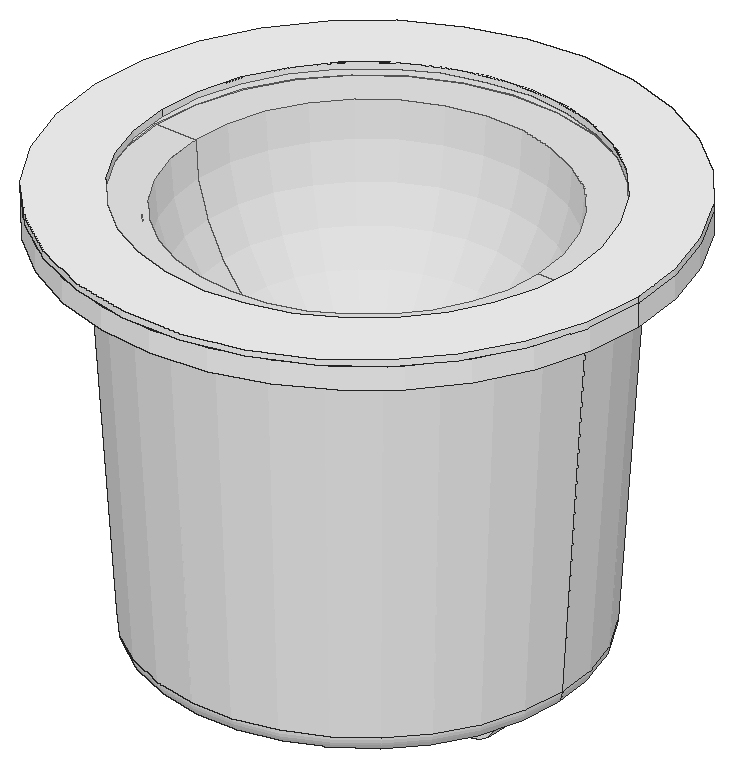
Revit family "2058893 Feilo Sylvania Lighting Fixture MYRD IP FL 2-7K DALI BLK WBEZ", category Lighting Fixtures, host Face, Revit 2017
Family settings
  Host = Face
  Round Connector Dimension = Use Diameter
  Part Type = Normal
  OmniClass Number = 23.80.70.11.17
  OmniClass Title = Specialized Lighting by Location or Use
  Cut with Voids When Loaded = No
  Light Source = Yes
  Shared = No
  Room Calculation Point = No
Parameters
  Weight = "0.44 kg"
  Wattage = 15 W
  WarrantyStartDate [instance] = "n/a"
  WarrantyGuarantorParts = "n/a"
  WarrantyDurationUnit = "n/a"
  WarrantyDurationParts = "n/a"
  WarrantyDescription = "n/a"
  built-in parameter 1150110 = 1 (stored number, unit not read)
  Voltage = 230 V
  URL = "http://www.sylvania-lighting.com"
  TypeName = "MYRD IP FL 2.7K DALI BLK WBEZ"
  Type Image = 0
  Type Comments = ""
  built-in parameter 1114217 = 1 (stored number, unit not read)
  Tilt Angle = -90°
  built-in parameter 1150109 = 1 (stored number, unit not read)
  built-in parameter 1150134 = (empty or 0)
  built-in parameter 1150113 = 1 (stored number, unit not read)
  SerialNumber [instance] = "n/a"
  Reflector Radius = Cutout Diameter / 2 - 2.5 mm  # 35.0 mm
  Reflector Material = Aluminum_Sylvania_Myriad_Bright
  Recessed Depth = Height  # 72.0 mm
  PowerFactor = 0
  PowerConsumption = "15 W"
  Photometric Web File = ""
  NominalWidth = 0.0 mm
  NominalLength = 76.0 mm
  NominalHeight = 72.0 mm
  Name = "MYRD IP FL 2.7K DALI BLK WBEZ"
  ModelReference = "MYRD IP FL 2.7K DALI BLK WBEZ"
  ModelNumber = "2058893"
  Material = "Aluminium"
  ManufacturerName = "Feilo Sylvania"
  LuminousEfficacy = "57 lm/W"
  LuminaireType = "Ceiling recessed"
  LightOutputRatio = "1"
  LampsType = Lamp  # "LED"
  LampNominalLuminous = "889 lm"
  LampMacAdamStep = "n/a"
  LampColourTemperature = "2700 K"
  LampColourRenderingIndex = "n/a"
  Keynote = "16500"
  Keynote_2 = "16500"
  InstallationDate [instance] = "n/a"
  InputVoltage = "230-240V~"
  InputNominalFrequency = "50/60 Hz"
  IngressProtection = "IP65"
  ImpactProtectionIndex = "IK02"
  IfcExportType = "IfcLightFixtureType"
  IfcExportAs = "IfcLightFixtureType"
  Height = 72.0 mm  # constant formula
  ExpectedLife = 50000
  Emit from Circle Diameter = Accessory Inner Diameter 2  # 68.0 mm
  Emit Shape Visible in Rendering = no
  ElectricShockClassification = "Class II"
  DurationUnit = "hours"
  DocumentationLiterature = "http://www.sylvania-lighting.com/product/en-int/products/2058893"
  DimmingControlOptions = "Dimmable"
  Diffuser Material = Glass_Sylvania_Myriad_Clear_4000K
  Diffuser Diameter = Cutout Diameter  # 75.0 mm
  Cutout Diameter = 75.0 mm  # constant formula
  CreatedOn = "03-11-2017"
  CreatedBy = ""
  Cost = 0
  built-in parameter 1114216 [instance] = 1 (stored number, unit not read)
  built-in parameter 1150142 = (empty or 0)
  Model = "MYRD IP FL 2.7K DALI BLK WBEZ"
  Manufacturer = "Feilo Sylvania"  # constant formula
  built-in parameter 1150105 = 68.039 (stored number, unit not read)
  Lumens = 855 lm
  built-in parameter 1150115 = 1 (stored number, unit not read)
  built-in parameter 1150137 = (empty or 0)
  built-in parameter 1150139 = (empty or 0)
  built-in parameter 1150112 = 1 (stored number, unit not read)
  built-in parameter 1150114 = 1 (stored number, unit not read)
  Lamp = "LED"
  built-in parameter 1150132 = (empty or 0)
  built-in parameter 1150102 = (empty or 0)
  built-in parameter 1150107 = 2700 (stored number, unit not read)
  built-in parameter 1150138 = (empty or 0)
  built-in parameter 1150106 = 0.68039 (stored number, unit not read)
  built-in parameter 1150104 = 5.2955 (stored number, unit not read)
  Dimming Lamp Color Temperature Shift = (empty or 0)
  Description = "Supplied complete with electronic control gear Compact Fluorescent low energy downlight Emergency version passes through the cut out Ideal for low level orientation lighting New range of Architectural accessories each providing a different lit dimension New completely flush plaster up accessory ring for clean ceiling lines and smooth finish Order lamp separately"  # constant formula
  Default Elevation = 0.0 mm
  Color Filter = 16777215
  built-in parameter 1140040 [instance] = 1
  Body Radius = Reflector Radius + 1.5 mm  # 36.5 mm
  Body Material = Aluminum_Sylvania_Myriad_Gray
  BarCode [instance] = "n/a"
  built-in parameter 1114218 = 1 (stored number, unit not read)
  built-in parameter 1150133 = 10 (stored number, unit not read)
  AssetType = "Fixed"
  AssetIdentifier [instance] = "n/a"
  Assembly Code = "D5020200"
  Apparent Load = 15 VA
  Accessory Material = Aluminum_Sylvania_Myriad_White
  Accessory Inner Diameter 2 = Accessory Diameter - 22.0 mm  # 68.0 mm
  Accessory Inner Diameter 1 = Accessory Diameter - 2.0 mm  # 88.0 mm
  Accessory Diameter = Cutout Diameter + 15.0 mm  # 90.0 mm
Reference planes
  plane 1 "Center (Front/Back)": y = 0
  plane 2: z = 0
  plane 3 "Center (Left/Right)": x = 0
  plane 4: z = 2
  plane 5 "Fixture Bottom": z = 4.5
  plane 6: z = -28.5
  plane 7: z = -61.5
  plane 8 "Fixture Top": z = -67.5
  plane 9: z = 3.5
Forms (mm)
  Revolve 1, solid, material "Aluminum_Sylvania_Myriad_Bright" <- "Reflector Material", detail levels fine
    sketch origin (0, 0, 0) x (1, 0, 0) y (0, 0, 1)
      loop
        line (0, -27.515) -> (-6, -27.515)
        arc (-6, -27.515) -> (-22.333, -16.632) -> (-28.5, 2) r 30.135
        line (-28.5, 2) -> (-35, 2) -> (-35, 0) -> (-29.184, 0)
        arc (-29.184, 0) -> (-22.423, -18.18) -> (-6, -28.5) r 30.204
        line (-6, -28.5) -> (0, -28.5) -> (0, -27.515)
      axis (0, -28.5) -> (0, 2)
    angle from 0 to 360
  Revolve 2, solid, material "Aluminum_Sylvania_Myriad_Gray" <- "Body Material", detail levels fine
    sketch origin (0, 0, 0) x (1, 0, 0) y (0, 0, 1)
      loop
        line (-44, 2) -> (-44, 0) -> (-36.5, 0) -> (-32.42, -58.708)
        arc (-32.42, -58.708) -> (-31.474, -60.694) -> (-29.428, -61.5) r 3
        line (-29.428, -61.5) -> (0, -61.5) -> (0, -28.5) -> (-6, -28.5)
        arc (-6, -28.5) -> (-22.423, -18.18) -> (-29.184, 0) r 30.204
        line (-29.184, 0) -> (-35, 0) -> (-35, 2) -> (-44, 2)
      axis (0, 2) -> (0, -61.5)
    angle from 0 to 360
  Extrusion 3, solid, material "Aluminum_Sylvania_Myriad_Gray" <- "Body Material", detail levels fine
    sketch origin (0, 0, 0) x (1, 0, 0) y (0, 0, 1)
      loop
        line (-13.5, -67.5) -> (21, -67.5)
        arc (21, -67.5) -> (23.828, -66.328) -> (25, -63.5) r 4
        line (25, -63.5) -> (25, -61.5) -> (-17.5, -61.5) -> (-17.5, -63.5)
        arc (-17.5, -63.5) -> (-16.328, -66.328) -> (-13.5, -67.5) r 4
    from -4.5 to 4.5
  Extrusion 4, solid, material "Aluminum_Sylvania_Myriad_White" <- "Accessory Material", detail levels fine
    sketch origin (0, 0, 0) x (1, 0, 0) y (0, 1, 0)
      loop
        circle (0, 0) r 45
      loop
        circle (0, 0) r 44
    from 0 to 3.5
  Extrusion 5, solid, material "Aluminum_Sylvania_Myriad_White" <- "Accessory Material", detail levels fine
    sketch origin (0, 0, 0) x (1, 0, 0) y (0, 1, 0)
      loop
        circle (0, 0) r 45
      loop
        circle (0, 0) r 34
    from 3.5 to 4.5
  Extrusion 6, solid, material "Aluminum_Sylvania_Myriad_White" <- "Accessory Material", detail levels coarse+medium
    sketch origin (0, 0, 0) x (1, 0, 0) y (0, 1, 0)
      loop
        circle (0, 0) r 45
    from 0 to 4.5
  Revolve 7, solid, detail levels coarse+medium
    sketch origin (0, 0, 0) x (1, 0, 0) y (0, 0, 1)
      loop
        line (36.5, 0) -> (0, 0) -> (0, -61.5) -> (32.226, -61.5) -> (36.5, 0)
      axis (0, 0) -> (0, -61.5)
    angle from 0 to 360
  Extrusion 8, void
    sketch origin (0, 0, 0) x (1, 0, 0) y (0, 1, 0)
      loop
        circle (0, 0) r 37.5
    from -67.5 to 0
  Extrusion 9, solid, material "Glass_Sylvania_Myriad_Clear_4000K" <- "Diffuser Material", detail levels fine
    sketch origin (0, 0, 0) x (1, 0, 0) y (0, 1, 0)
      loop
        circle (0, 0) r 37.5
    from 2 to 3.5
Cuts and joins
  joined: Extrusion 4, Extrusion 5
Lines and regions (mm)
  Masking region 1
    outline origin (0, 0, 0) x (1, 0, 0) y (0, 1, 0)
      loop
        circle (0, 0) r 45
  symbolic lines
    curve 1: arc (-34, 0, 0) -> (0, 34, 0) -> (34, 0, 0) r 34
    curve 2: arc (34, 0, 0) -> (0, -34, 0) -> (-34, 0, 0) r 34
Dimensions and locks
  locked: plane 7 to plane 8 "Fixture Top" at 6
  "Body Radius": Revolve 7 sketch curve to plane 3 "Center (Left/Right)"
  locked: Revolve 7 sketch curve to Revolve 7 sketch curve at 4.274
  plane 5 "Fixture Bottom" to plane 9 to plane 4 to plane 2 to plane 6 = 1.0 mm locked, 1.5 mm locked, 2.0 mm locked, 28.5 mm locked
  "Reflector Radius": Revolve 1 sketch curve to plane 3 "Center (Left/Right)"
  Revolve 1 sketch curve to Revolve 1 sketch curve to Revolve 1 sketch curve to Revolve 1 sketch curve = 6.5 mm locked, 22.5 mm locked, 0.0 mm locked
  "Reflector Radius": plane 3 "Center (Left/Right)" to Revolve 2 sketch curve
  Revolve 2 sketch curve to Revolve 2 sketch curve to Revolve 2 sketch curve = 7.5 mm locked, 1.5 mm locked
  Revolve 2 sketch curve to Revolve 2 sketch curve to Revolve 2 sketch curve = 5.816 mm locked, 23.184 mm locked
  Revolve 2 sketch curve to Revolve 2 sketch curve to Revolve 2 sketch curve = 2.58 mm locked, 2.993 mm locked
  "Accessory Diameter": diameter of Extrusion 4 sketch curve
  "Accessory Inner Diameter 1": diameter of Extrusion 4 sketch curve
  "Accessory Diameter": diameter of Extrusion 5 sketch curve
  "Accessory Diameter": diameter of Extrusion 6 sketch curve
  "Cutout Diameter": diameter of Extrusion 8 sketch curve
  "Accessory Inner Diameter 2": diameter of Extrusion 5 sketch curve
  "Diffuser Diameter": diameter of Extrusion 9 sketch curve
  aligned and locked: plane 2 to host face
  aligned and locked: level to host face
  aligned and locked: plane 1 "Center (Front/Back)" to imposter light
  aligned and locked: plane 3 "Center (Left/Right)" to imposter light
  aligned and locked: Revolve 1 sketch curve to imposter light
  aligned and locked: Extrusion 3 sketch curve to plane 8 "Fixture Top"
  aligned and locked: plane 7 to Extrusion 3 sketch curve
  aligned and locked: Extrusion 4 to plane 2
  aligned and locked: plane 9 to Extrusion 4
  aligned and locked: Extrusion 5 to plane 9
  aligned and locked: plane 5 "Fixture Bottom" to Extrusion 5
  aligned and locked: Extrusion 6 to plane 2
  aligned and locked: plane 5 "Fixture Bottom" to Extrusion 6
  aligned and locked: Extrusion 8 to plane 8 "Fixture Top"
  aligned and locked: plane 2 to Extrusion 8
  aligned and locked: Masking region 1 sketch curve to Extrusion 6  (x2)
  aligned and locked: Extrusion 9 to plane 4
  aligned and locked: plane 9 to Extrusion 9
  aligned and locked: plane 4 to Revolve 2 sketch curve
  aligned and locked: Revolve 2 sketch curve to plane 2
  aligned and locked: curve 1 to cut or joined group of Extrusion 4, Extrusion 5
  aligned and locked: curve 2 to cut or joined group of Extrusion 4, Extrusion 5
  aligned and locked: imposter light to plane 5 "Fixture Bottom"
Automatic sketch dimensions
  host sketch curve to host sketch curve = 1305.563 mm
  host sketch curve to host sketch curve = 1283.632 mm
  Extrusion 3 sketch curve to plane 7 = 2.0 mm
  Extrusion 3 sketch curve to plane 3 "Center (Left/Right)" = 13.5 mm
  plane 3 "Center (Left/Right)" to Extrusion 3 sketch curve = 21.0 mm
  Extrusion 3 sketch curve to Extrusion 3 sketch curve = 4.0 mm
  Revolve 1 sketch curve to level = 0.0 mm
  Revolve 1 sketch curve to plane 3 "Center (Left/Right)" = 0.0 mm
  Revolve 1 sketch curve to plane 6 = 0.0 mm
  Revolve 1 sketch curve to plane 4 = 0.0 mm
  Revolve 1 sketch curve to Revolve 1 sketch curve = 0.684 mm
  level to Revolve 1 sketch curve = 0.88 mm
  Revolve 1 sketch curve to plane 4 = 0.363 mm
  Revolve 1 sketch curve to Revolve 1 sketch curve = 0.625 mm
  Revolve 1 sketch curve to plane 8 "Fixture Top" = 232.8 mm
  plane 5 "Fixture Bottom" to Revolve 1 sketch curve = 291.243 mm
  Revolve 2 sketch curve to plane 3 "Center (Left/Right)" = 0.0 mm  (x2)
  Revolve 2 sketch curve to plane 7 = 0.0 mm
  Revolve 2 sketch curve to plane 6 = 0.0 mm
  Revolve 2 sketch curve to level = 0.0 mm
  level to Revolve 2 sketch curve = 0.88 mm
  plane 7 to Revolve 2 sketch curve = 2.792 mm
  Revolve 2 sketch curve to plane 8 "Fixture Top" = 304.774 mm
  plane 5 "Fixture Bottom" to Revolve 2 sketch curve = 1137.105 mm
  Extrusion 4 sketch curve to Extrusion 4 sketch curve = 0.0 mm  (x2)
  plane 1 "Center (Front/Back)" to Extrusion 4 sketch curve = 0.0 mm
  Extrusion 4 sketch curve to plane 3 "Center (Left/Right)" = 0.0 mm
  Extrusion 5 sketch curve to Extrusion 5 sketch curve = 0.0 mm  (x2)
  plane 1 "Center (Front/Back)" to Extrusion 5 sketch curve = 0.0 mm
  Extrusion 5 sketch curve to plane 3 "Center (Left/Right)" = 0.0 mm
  plane 1 "Center (Front/Back)" to Extrusion 6 sketch curve = 0.0 mm
  Extrusion 6 sketch curve to plane 3 "Center (Left/Right)" = 0.0 mm
  Revolve 7 sketch curve to level = 0.0 mm
  Revolve 7 sketch curve to plane 3 "Center (Left/Right)" = 0.0 mm  (x2)
  Revolve 7 sketch curve to plane 7 = 0.0 mm
  Revolve 7 sketch curve to plane 8 "Fixture Top" = 304.774 mm
  plane 5 "Fixture Bottom" to Revolve 7 sketch curve = 43.226 mm
  plane 1 "Center (Front/Back)" to Extrusion 8 sketch curve = 0.0 mm
  Extrusion 8 sketch curve to plane 3 "Center (Left/Right)" = 0.0 mm
  plane 1 "Center (Front/Back)" to Extrusion 9 sketch curve = 0.0 mm
  Extrusion 9 sketch curve to plane 3 "Center (Left/Right)" = 0.0 mm
Connectors
  electrical at (-0.006, -0.019, -67.5), driven by "Apparent Load", driven by "Apparent Load"
    settings: on plane 8 "Fixture Top", index 1, voltage 230 V, apparent load 15 VA, apparent load phase1 15 VA, apparent load phase2 0 VA, apparent load phase3 0 VA, power factor 1, load classification "Lighting", number of poles 1, system type 30, power factor state 1, is connector primary yes, connector utility no, sub classification motor no, connector description ""
